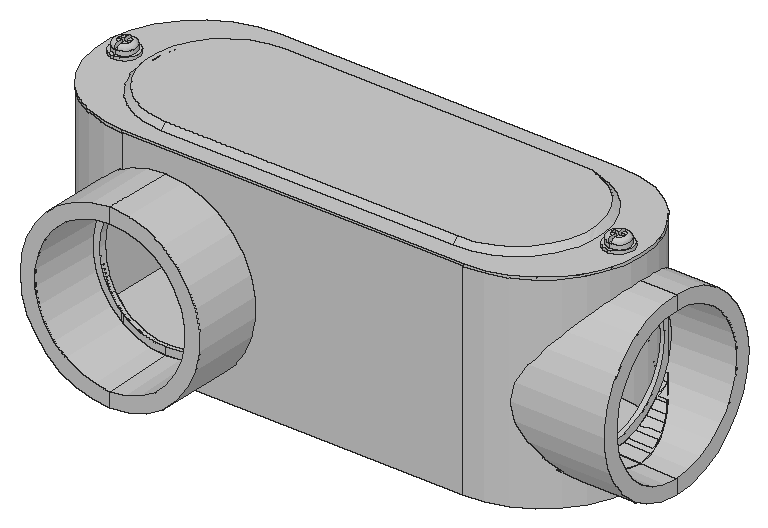
Revit family "lr85", category Conduit Fittings, Revit 2018
Family settings
  Round Connector Dimension = Use Diameter
  Part Type = Multi Port
  Work Plane-Based = No
  Always vertical = No
  Cut with Voids When Loaded = No
  Shared = No
Parameters (values of type "LR")
  Weight = 0
  WT = 600
  URL = "http://www.cadenas.de"
  Type Comments = ""
  Total Length [instance] = 1' - 1 209/256"
  SUPPLIER = "COOPERCROUSEHINDS"
  SIZE = "3\""
  SHAPE = "LR"
  PN = "LR85"
  NT = "Commercial Fittings"
  NN = "Condulet® Series 5 Conduit Outlet Bodies"
  NBSYN = "$PNHELP.$LOD."
  NB = "LR85"
  Model = "LR85"
  Manufacturer = "COOPERCROUSEHINDS"
  MODELS = "Body"
  MIdent = "{$CADENAS_DATA\\23d-libs\\coopercrousehinds\\commercial_fittings\\conduit_outlet_bb\\condulet_series5_cob\\condulet_series5_cob_asmtab.prj},216 {VTYP=3D},{STYP=ASSTAB},{NB=LR85},{LINA=LR85},{NN=Condulet® Series 5 Conduit Outlet Bodies},{DATE=23.08.2017 08:40:13},{GEOMDATE=25.02.2016 09:44:11},{VERSION=},{LINEID=10},{WBVAR=SHAPE,CT,CG,SIZE,LOD},{WBNUMERIC=}  {NB=LR85},{LINA=LR85},{KT=DUMMY},{PN=LR85},{PNHELP=LR85},{MODELS=Body},{MM=B},{SHAPE=LR},{SHA= 'LB','LB','LR','LR','LL','LL','C','C','T','T' },{CT=},{CTA= '','Rigid/IMC','MT','Combo EMT, Rigid/IMC','CGN','Rigid/IMC Body, Traditional Cover & Gasket','MTC','Combo EMT, Body, Traditional Cover & Gasket','ICG','NEMA 4 Rigid/IMC Body, Integral Cover & Gasket' },{CG=},{CGA= '','N/A' },{SIZE=85},{S1= '15','1/2\\\"','25','3/4\\\"','35','1\\\"','45','1-1/4\\\"','55','1-1/2\\\"','65','2\\\"','75','2-1/2\\\"','85','3\\\"','95','3-1/2\\\"','105','4\\\"' },{WT=600},{A=6.065},{B=13.060},{C=4.670},{D=3\\\"},{LOD=},{PNCG=85},{CC=0.000},{PRA=LR},{PPATH=parts/series5_asmtpl.prj}"
  LOD = "High Level of Details"
  LINA = "LR85"
  Keynote = "LR85"
  FITTING ANGLE [instance] = 90.00°  # constant formula
  Description = "Commercial Fittings"
  D = "3\""
  Cost_x = ""
  CT = "Rigid/IMC"
  CREATOR = "CADENAS GmbH"
  CG = "N/A"
  C = 0' - 4.67"
  BOMINFO = "LINA"
  B = 1' - 1.06"
  Assembly Code = ""
  ARTICLENO = "NB"
  A = 0' - 6.065"
Reference planes (in)
  plane 1 "Center (Front/Back)": y = 0
  plane 2: z = 0
  plane 3 "Center (Left/Right)": x = 0
Lines and regions (in)
  model lines, style "ConduitFittingCenterLine"
    curve 1: line (-2.9, -3.82, 0) -> (-2.9, 0, 0)
    curve 2: line (-2.9, 0, 0) -> (6.94, 0, 0)
Dimensions and locks (in)
  aligned and locked: plane 2 to level
Nested families (in)
  nested 1: "lr85Content" at (0, 0, 0), type "lr85Content"
  nested 2: "850" at (0, 0, 2.531), type "850"
Connectors (in)
  cabletrayconduit at (6.94, 0, 0), diameter 3
    settings: on nested 1, index 1, connector width 1' - 0", connector height 1' - 0", connector angle 0.00°, system type 32, placement type 0, profile type 0, connector reference index 2, is primary connector yes, connector utility param no, connector description ""
  cabletrayconduit at (-2.9, -3.82, 0), diameter 3
    settings: on nested 1, index 2, connector width 1' - 0", connector height 1' - 0", connector angle 90.00°, system type 32, placement type 0, profile type 0, connector reference index 1, is primary connector no, connector utility param no, connector description ""
Definition of nested family "lr85Content"
  Parameters (values of type "lr85Content")
    Weight = 0
    WT = 600
    Default Elevation = 4' - 0"
    URL = "http://www.cadenas.de"
    Type Comments = ""
    SUPPLIER = "COOPERCROUSEHINDS"
    SIZE = "3\""
    SHAPE = "LR"
    PN = "LR85"
    NT = "Commercial Fittings"
    NN = "Condulet® Series 5 Conduit Outlet Bodies"
    NBSYN = "$PNHELP.$LOD."
    NB = "LR85"
    Model = "LR85"
    Manufacturer = "COOPERCROUSEHINDS"
    MODELS = "Body"
    LOD = "High Level of Details"
    LINA = "LR85"
    Keynote = "LR85"
    Description = "Commercial Fittings"
    D = "3\""
    Cost = ""
    CT = "Rigid/IMC"
    CREATOR = "CADENAS GmbH"
    CG = "N/A"
    C = 0' - 4.67"
    BOMINFO = "LINA"
    B = 1' - 1.06"
    Assembly Code = ""
    ARTICLENO = "NB"
    A = 0' - 6.065"
  Reference planes (in)
    plane 1 "Center (Front/Back)": y = 0
    plane 2: z = 0
    plane 3 "Center (Left/Right)": x = 0
  Forms (in)
    Extrusion 1, solid
      sketch origin (0, 0, 2.531) x (-1, 0, 0) y (0, -1, 0)
        loop
          arc (-3.875, 2.245) -> (-6.12, 0) -> (-3.875, -2.245) r 2.245
          line (-3.875, -2.245) -> (3.875, -2.245)
          arc (3.875, -2.245) -> (6.12, 0) -> (3.875, 2.245) r 2.245
          line (3.875, 2.245) -> (-3.875, 2.245)
      from -4.67 to 0
    Revolve 2, solid
      sketch origin (0, 0, 0) x (-1, 0, 0) y (0, 0, 1)
        loop
          line (-6.94, 0) -> (2.9, 0) -> (2.9, 2.045) -> (-6.94, 2.045) -> (-6.94, 0)
        axis (2.9, 0) -> (-6.94, 0)
      angle from -360 to 0
    Revolve 3, solid
      sketch origin (-2.9, 0, 0) x (0, -1, 0) y (0, 0, 1)
        loop
          line (0, 0) -> (3.82, 0) -> (3.82, 2.045) -> (0, 2.045) -> (0, 0)
        axis (3.82, 0) -> (0, 0)
      angle from -360 to 0
    Extrusion 4, void
      sketch origin (0, 0, 2.531) x (-1, 0, 0) y (0, -1, 0)
        loop
          arc (-3.875, 2.151) -> (-6.026, 0) -> (-3.875, -2.151) r 2.151
          line (-3.875, -2.151) -> (3.875, -2.151)
          arc (3.875, -2.151) -> (6.026, 0) -> (3.875, 2.151) r 2.151
          line (3.875, 2.151) -> (-3.875, 2.151)
      from -0.094 to 0
    Extrusion 5, void
      sketch origin (0, 0, 2.531) x (-1, 0, 0) y (0, -1, 0)
        loop
          arc (-5.38, -1.53681) -> (-4.68775, -1.99154) -> (-3.875, -2.151) r 2.151
          line (-3.875, -2.151) -> (3.875, -2.151)
          arc (3.875, -2.151) -> (4.68775, -1.99154) -> (5.38, -1.53681) r 2.151
          line (5.38, -1.53681) -> (5.38, 1.53681)
          arc (5.38, 1.53681) -> (4.68775, 1.99154) -> (3.875, 2.151) r 2.151
          line (3.875, 2.151) -> (-3.875, 2.151)
          arc (-3.875, 2.151) -> (-4.68775, 1.99154) -> (-5.38, 1.53681) r 2.151
          line (-5.38, 1.53681) -> (-5.38, -1.53681)
      from -4.576 to 0
    Extrusion 6, solid
      sketch origin (0, 0, 2.531) x (-1, 0, 0) y (0, -1, 0)
        loop
          arc (5.625, 0.245) -> (5.38, 0) -> (5.625, -0.245) r 0.245
          line (5.625, -0.245) -> (6.0593, -0.245)
          arc (6.0593, -0.245) -> (6.073, 0) -> (6.0593, 0.245) r 2.198
          line (6.0593, 0.245) -> (5.625, 0.245)
      from -0.094 to 0
    Extrusion 7, solid
      sketch origin (0, 0, 2.531) x (-1, 0, 0) y (0, -1, 0)
        loop
          arc (-6.0593, 0.245) -> (-6.073, 0) -> (-6.0593, -0.245) r 2.198
          line (-6.0593, -0.245) -> (-5.625, -0.245)
          arc (-5.625, -0.245) -> (-5.38, 0) -> (-5.625, 0.245) r 0.245
          line (-5.625, 0.245) -> (-6.0593, 0.245)
      from -0.094 to 0
    Revolve 8, void
      sketch origin (0, 0, 0) x (-1, 0, 0) y (0, 0, 1)
        loop
          line (-6.94, 0) -> (-5.098, 0) -> (-5.098, 1.5) -> (-5.474, 1.5) -> (-5.474, 1.66774) -> (-6.94, 1.7135) -> (-6.94, 0)
        axis (-5.098, 0) -> (-6.94, 0)
      angle from -360 to 0
    Revolve 9, void
      sketch origin (-2.9, 0, 0) x (0, -1, 0) y (0, 0, 1)
        loop
          line (0, 0) -> (3.82, 0) -> (3.82, 1.7135) -> (2.245, 1.66433) -> (2.245, 1.5) -> (0, 1.5) -> (0, 0)
        axis (3.82, 0) -> (0, 0)
      angle from -360 to 0
    Revolve 10, void
      sketch origin (0, 0, 0) x (-1, 0, 0) y (0, 0, 1)
        loop
          line (-5.625, 2.531) -> (-5.625, 2.131) -> (-5.4988, 2.20386) -> (-5.4988, 2.50095) -> (-5.46875, 2.531) -> (-5.625, 2.531)
        axis (-5.625, 2.131) -> (-5.625, 2.531)
      angle from -360 to 0
    Revolve 11, void
      sketch origin (0, 0, 0) x (-1, 0, 0) y (0, 0, 1)
        loop
          line (5.625, 2.531) -> (5.625, 2.131) -> (5.7512, 2.20386) -> (5.7512, 2.50095) -> (5.78125, 2.531) -> (5.625, 2.531)
        axis (5.625, 2.131) -> (5.625, 2.531)
      angle from -360 to 0
    Extrusion 12, void, not visible
      sketch origin (0, 0, 2.531) x (-1, 0, 0) y (0, -1, 0)
        loop
          arc (-3.875, 2.151) -> (-6.026, 0) -> (-3.875, -2.151) r 2.151
          line (-3.875, -2.151) -> (3.875, -2.151)
          arc (3.875, -2.151) -> (6.026, 0) -> (3.875, 2.151) r 2.151
          line (3.875, 2.151) -> (-3.875, 2.151)
      from -0.094 to 0
    Extrusion 13, void, not visible
      sketch origin (0, 0, 2.531) x (-1, 0, 0) y (0, -1, 0)
        loop
          arc (-5.38, -1.53681) -> (-4.68775, -1.99154) -> (-3.875, -2.151) r 2.151
          line (-3.875, -2.151) -> (3.875, -2.151)
          arc (3.875, -2.151) -> (4.68775, -1.99154) -> (5.38, -1.53681) r 2.151
          line (5.38, -1.53681) -> (5.38, 1.53681)
          arc (5.38, 1.53681) -> (4.68775, 1.99154) -> (3.875, 2.151) r 2.151
          line (3.875, 2.151) -> (-3.875, 2.151)
          arc (-3.875, 2.151) -> (-4.68775, 1.99154) -> (-5.38, 1.53681) r 2.151
          line (-5.38, 1.53681) -> (-5.38, -1.53681)
      from -4.576 to 0
    Revolve 14, void, not visible
      sketch origin (0, 0, 0) x (-1, 0, 0) y (0, 0, 1)
        loop
          line (-6.94, 0) -> (-5.098, 0) -> (-5.098, 1.5) -> (-5.474, 1.5) -> (-5.474, 1.66774) -> (-6.94, 1.7135) -> (-6.94, 0)
        axis (-5.098, 0) -> (-6.94, 0)
      angle from -360 to 0
    Revolve 15, void, not visible
      sketch origin (-2.9, 0, 0) x (0, -1, 0) y (0, 0, 1)
        loop
          line (0, 0) -> (3.82, 0) -> (3.82, 1.7135) -> (2.245, 1.66433) -> (2.245, 1.5) -> (0, 1.5) -> (0, 0)
        axis (3.82, 0) -> (0, 0)
      angle from -360 to 0
    Revolve 16, void, not visible
      sketch origin (0, 0, 0) x (-1, 0, 0) y (0, 0, 1)
        loop
          line (-5.625, 2.531) -> (-5.625, 2.131) -> (-5.4988, 2.20386) -> (-5.4988, 2.50095) -> (-5.46875, 2.531) -> (-5.625, 2.531)
        axis (-5.625, 2.131) -> (-5.625, 2.531)
      angle from -360 to 0
    Revolve 17, void, not visible
      sketch origin (0, 0, 0) x (-1, 0, 0) y (0, 0, 1)
        loop
          line (5.625, 2.531) -> (5.625, 2.131) -> (5.7512, 2.20386) -> (5.7512, 2.50095) -> (5.78125, 2.531) -> (5.625, 2.531)
        axis (5.625, 2.131) -> (5.625, 2.531)
      angle from -360 to 0
  Cuts and joins
    Extrusion 4, Extrusion 5, Revolve 8, Revolve 9, Revolve 10, Revolve 11 cuts Extrusion 1
    Extrusion 4, Extrusion 5, Revolve 8, Revolve 9, Revolve 10, Revolve 11 cuts Revolve 2
    Extrusion 4, Extrusion 5, Revolve 8, Revolve 9, Revolve 10, Revolve 11 cuts Revolve 3
    Revolve 8, Revolve 9, Revolve 10, Revolve 11 cuts Extrusion 6
    Revolve 8, Revolve 9, Revolve 10, Revolve 11 cuts Extrusion 7
  Dimensions and locks (in)
    aligned and locked: plane 2 to level
Definition of nested family "850"
  Parameters (values of type "850")
    Weight = 0
    WT = 78
    URL = "http://www.cadenas.de"
    Type Comments = ""
    SUPPLIER = "COOPERCROUSEHINDS"
    SIZE = "2-1/2\" - 3\""
    SHAPE = "N/A"
    PN = "850"
    NT = "Commercial Fittings"
    NN = "Condulet® Series 5 Conduit Outlet Bodies"
    NBSYN = "$PNHELP.$LOD."
    NB = "850"
    Model = "850"
    Manufacturer = "COOPERCROUSEHINDS"
    MODELS = "Cover/Gasket"
    MIdent = "{$CADENAS_DATA\\23d-libs\\coopercrousehinds\\commercial_fittings\\conduit_outlet_bb\\condulet_series5_cob\\condulet_series5_cob_asmtab.prj},214 {VTYP=3D},{STYP=ASSTAB},{NB=850},{LINA=850},{NN=Condulet® Series 5 Conduit Outlet Bodies},{DATE=23.08.2017 08:40:13},{GEOMDATE=25.02.2016 09:44:11},{VERSION=},{LINEID=20},{WBVAR=SHAPE,CT,CG,SIZE,LOD},{WBNUMERIC=}  {NB=850},{LINA=850},{KT=DUMMY},{PN=850},{PNHELP=850},{MODELS=Cover/Gasket},{MM=C},{SHAPE=},{SHA= '','N/A' },{CT=},{CTA= '','N/A' },{CG=},{CGA= '','Aluminum Cover','G','Aluminum Cover with Neoprene Integral Gasket','N','Neoprene Gasket' },{SIZE=85},{S1= '15','1/2\\\"','25','3/4\\\"','35','1\\\"','45','1-1/4\\\" - 1-1/2\\\"','65','2\\\"','85','2-1/2\\\" - 3\\\"','95','3-1/2\\\" - 4\\\"' },{WT=78},{A=4.488},{B=12.264},{C=0.177},{D=N/A},{LOD=},{PNCG=85},{CC=0.000},{PRA=CO},{PPATH=parts/series5_asmtpl.prj}"
    LOD = "High Level of Details"
    LINA = "850"
    Keynote = "850"
    Description = "Commercial Fittings"
    D = "N/A"
    Cost = ""
    CT = "N/A"
    CREATOR = "CADENAS GmbH"
    CG = "Aluminum Cover"
    C = 0' - 0.177"
    BOMINFO = "LINA"
    B = 1' - 0.264"
    Assembly Code = ""
    ARTICLENO = "NB"
    A = 0' - 4.488"
  Reference planes (in)
    plane 1 "Center (Front/Back)": y = 0
    plane 2: z = 0
    plane 3 "Center (Left/Right)": x = 0
  Dimensions and locks (in)
    aligned and locked: plane 2 to level
  Nested families (in)
    nested 1: "850Content" at (0, 0, 0), type "850Content"
  Definition of nested family "850Content"
    Parameters (values of type "850Content")
      Weight = 0
      WT = 78
      Default Elevation = 4' - 0"
      URL = "http://www.cadenas.de"
      Type Comments = ""
      SUPPLIER = "COOPERCROUSEHINDS"
      SIZE = "2-1/2\" - 3\""
      SHAPE = "N/A"
      PN = "850"
      NT = "Commercial Fittings"
      NN = "Condulet® Series 5 Conduit Outlet Bodies"
      NBSYN = "$PNHELP.$LOD."
      NB = "850"
      Model = "850"
      Manufacturer = "COOPERCROUSEHINDS"
      MODELS = "Cover/Gasket"
      LOD = "High Level of Details"
      LINA = "850"
      Keynote = "850"
      Description = "Commercial Fittings"
      D = "N/A"
      Cost = ""
      CT = "N/A"
      CREATOR = "CADENAS GmbH"
      CG = "Aluminum Cover"
      C = 0' - 0.177"
      BOMINFO = "LINA"
      B = 1' - 0.264"
      Assembly Code = ""
      ARTICLENO = "NB"
      A = 0' - 4.488"
    Reference planes (in)
      plane 1 "Center (Front/Back)": y = 0
      plane 2: z = 0
      plane 3 "Center (Left/Right)": x = 0
    Forms (in)
      Revolve 1, solid
        sketch origin (5.625, 0, 0.05) x (0, 0, -1) y (0, -1, 0)
          loop
            line (-0.251, 0) -> (0.39, 0) -> (0.39, 0.1193) -> (0.326, 0.15625) -> (0, 0.15625) -> (0, 0.315) -> (-0.06, 0.315) -> (-0.06, 0.25) -> (-0.1555, 0.25)
            arc (-0.1555, 0.25) -> (-0.22303, 0.22203) -> (-0.251, 0.1545) r 0.0955
            line (-0.251, 0.1545) -> (-0.251, 0)
          axis (0.39, 0) -> (-0.251, 0)
        angle from -360 to 0
      Extrusion 2, void
        sketch origin (5.625, 0, 0.301) x (0, -1, 0) y (-1, 0, 0)
          loop
            line (0.039, 0.125) -> (-0.039, 0.125) -> (-0.039, 0.039) -> (-0.5, 0.039) -> (-0.5, -0.039) -> (-0.039, -0.039) -> (-0.039, -0.125) -> (0.039, -0.125) -> (0.039, -0.039) -> (0.5, -0.039) -> (0.5, 0.039) -> (0.039, 0.039) -> (0.039, 0.125)
        from 0 to 0.0955
      Extrusion 3, void, not visible
        sketch origin (5.625, 0, 0.301) x (0, -1, 0) y (-1, 0, 0)
          loop
            line (0.039, 0.125) -> (-0.039, 0.125) -> (-0.039, 0.039) -> (-0.5, 0.039) -> (-0.5, -0.039) -> (-0.039, -0.039) -> (-0.039, -0.125) -> (0.039, -0.125) -> (0.039, -0.039) -> (0.5, -0.039) -> (0.5, 0.039) -> (0.039, 0.039) -> (0.039, 0.125)
        from 0 to 0.0955
      Revolve 4, solid
        sketch origin (-5.625, 0, 0.05) x (0, 0, -1) y (0, -1, 0)
          loop
            line (-0.251, 0) -> (0.39, 0) -> (0.39, 0.1193) -> (0.326, 0.15625) -> (0, 0.15625) -> (0, 0.315) -> (-0.06, 0.315) -> (-0.06, 0.25) -> (-0.1555, 0.25)
            arc (-0.1555, 0.25) -> (-0.22303, 0.22203) -> (-0.251, 0.1545) r 0.0955
            line (-0.251, 0.1545) -> (-0.251, 0)
          axis (0.39, 0) -> (-0.251, 0)
        angle from -360 to 0
      Extrusion 5, void
        sketch origin (-5.625, 0, 0.301) x (0, -1, 0) y (-1, 0, 0)
          loop
            line (0.039, 0.125) -> (-0.039, 0.125) -> (-0.039, 0.039) -> (-0.5, 0.039) -> (-0.5, -0.039) -> (-0.039, -0.039) -> (-0.039, -0.125) -> (0.039, -0.125) -> (0.039, -0.039) -> (0.5, -0.039) -> (0.5, 0.039) -> (0.039, 0.039) -> (0.039, 0.125)
        from 0 to 0.0955
      Extrusion 6, void, not visible
        sketch origin (-5.625, 0, 0.301) x (0, -1, 0) y (-1, 0, 0)
          loop
            line (0.039, 0.125) -> (-0.039, 0.125) -> (-0.039, 0.039) -> (-0.5, 0.039) -> (-0.5, -0.039) -> (-0.039, -0.039) -> (-0.039, -0.125) -> (0.039, -0.125) -> (0.039, -0.039) -> (0.5, -0.039) -> (0.5, 0.039) -> (0.039, 0.039) -> (0.039, 0.125)
        from 0 to 0.0955
      Sweep 7, solid
        path origin (0, 0, 0) x (1, 0, 0) y (0, 1, 0)
          loop
            arc (-3.3255, 1.692) -> (-5.0175, 0) -> (-3.3255, -1.692) r 1.692
            line (-3.3255, -1.692) -> (3.3255, -1.692)
            arc (3.3255, -1.692) -> (5.0175, 0) -> (3.3255, 1.692) r 1.692
            line (3.3255, 1.692) -> (-3.3255, 1.692)
        profile origin (-5.0175, 0, 0) x (1, 0, 0) y (0, 0, 1)
          loop
            line (-0.1272, 0.04986) -> (-0.1272, 0) -> (-0.07705, 0) -> (0.0498, 0.12686) -> (0.1978, 0.12686) -> (0.1978, 0.177) -> (-0.00005, 0.177) -> (-0.1272, 0.04986)
      Extrusion 8, solid
        sketch origin (0, 0, 0) x (1, 0, 0) y (0, 1, 0)
          loop
            arc (-3.888, 2.244) -> (-6.132, 0) -> (-3.888, -2.244) r 2.244
            line (-3.888, -2.244) -> (3.888, -2.244)
            arc (3.888, -2.244) -> (6.132, 0) -> (3.888, 2.244) r 2.244
            line (3.888, 2.244) -> (-3.888, 2.244)
          loop
            arc (3.3255, -1.8192) -> (5.1447, 0) -> (3.3255, 1.8192) r 1.8192
            line (3.3255, 1.8192) -> (-3.3255, 1.8192)
            arc (-3.3255, 1.8192) -> (-5.1447, 0) -> (-3.3255, -1.8192) r 1.8192
            line (-3.3255, -1.8192) -> (3.3255, -1.8192)
        from 0 to 0.05
      Extrusion 9, solid
        sketch origin (0, 0, 0.127) x (1, 0, 0) y (0, 1, 0)
          loop
            arc (3.3255, -1.4942) -> (4.8197, 0) -> (3.3255, 1.4942) r 1.4942
            line (3.3255, 1.4942) -> (-3.3255, 1.4942)
            arc (-3.3255, 1.4942) -> (-4.8197, 0) -> (-3.3255, -1.4942) r 1.4942
            line (-3.3255, -1.4942) -> (3.3255, -1.4942)
        from 0 to 0.05
    Cuts and joins
      Extrusion 2 cuts Revolve 1
      Extrusion 5 cuts Revolve 4
      joined: Revolve 1, Revolve 4, Sweep 7, Extrusion 8, Extrusion 9
    Dimensions and locks (in)
      aligned and locked: plane 2 to level
